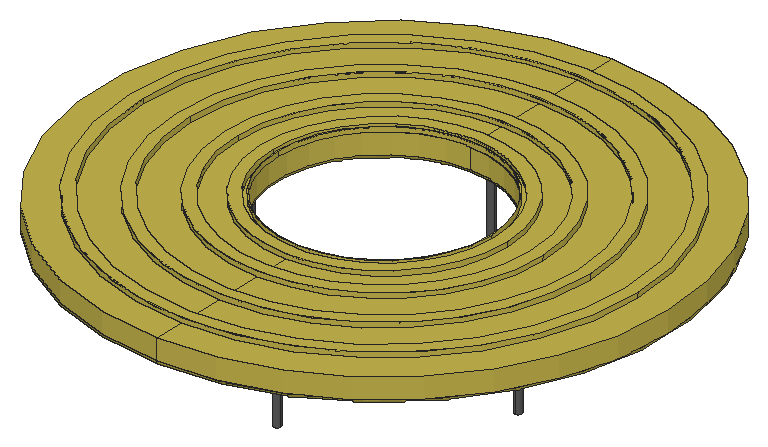
Revit family "Haworth_BuzziDonut", category Furniture, host Face, Revit 2018
Family settings
  Host = Face
  Cut with Voids When Loaded = No
  Shared = No
  Room Calculation Point = No
Parameters (values of type "HCBZ-DNS3 - Large")
  Warranty = "https://www.haworth.com/resources/product-info/warranties"
  Upholstery Finish [instance] = Haworth _ Fabric _ BFA_ Yellow BFA-24
  URL - Product = "https://www.haworth.com/products/architectural-interiors/acoustic-solutions/buzzidonut"
  URL = "https://www.haworth.com/our-brands/haworth-collection"
  Trim Finish = Haworth _ Paint _ Black
  Small = not(or(Medium, Large))  # no
  Note = "Verify Final Dim. w/ Haworth"  # constant formula
  Model = "HCBZ-DNS"  # constant formula
  Medium = no
  Manufacturer = "Haworth"  # constant formula
  Large = yes
  Flat = not(or([3D Drop], [3D Leaf], [3D Rib]))  # no
  Description = "Haworth BuzziDonut Large"
  Default Elevation = 0.000"
  Cable Length [instance] = 10.000"
  Assembly Code = "E2020200"
  Actual Width = Actual Depth  # 47.240"
  Actual Height = 2.360"  # constant formula
  Actual Depth = if(Large, 47.240", if(Medium, 39.370", 31.500"))  # 47.240"
  3D Rib = no
  3D Leaf = no
  3D Drop = yes
Reference planes (in)
  plane 1 "Center (Front/Back)": y = 0
  plane 2: z = 0
  plane 3 "Center (Left/Right)": x = 0
  plane 4 "Right": x = 23.62
  plane 5 "Front": y = -23.62
  plane 6 "Back": y = 23.62
  plane 7 "Left": x = -23.62
Dimensions and locks (in)
  equal spacing: plane 7 "Left", plane 3 "Center (Left/Right)", plane 4 "Right"
  "Actual Width": plane 7 "Left" to plane 4 "Right"
  equal spacing: plane 5 "Front", plane 1 "Center (Front/Back)", plane 6 "Back"
  "Actual Width": plane 5 "Front" to plane 6 "Back"
  aligned and locked: plane 2 to host face
  aligned and locked: level to host face
  aligned and locked: plane 2 to nested 1
  aligned and locked: plane 3 "Center (Left/Right)" to nested 1
  aligned and locked: plane 1 "Center (Front/Back)" to nested 1
  aligned and locked: plane 2 to nested 2
  aligned and locked: plane 1 "Center (Front/Back)" to nested 2
  aligned and locked: plane 3 "Center (Left/Right)" to nested 2
  aligned and locked: plane 2 to nested 3
  aligned and locked: plane 1 "Center (Front/Back)" to nested 3
  aligned and locked: plane 3 "Center (Left/Right)" to nested 3
Automatic sketch dimensions
  host sketch curve to host sketch curve = 50.000"  (x2)
Nested families (in)
  nested 1: "Haworth_BuzziDonut_Screen_Large_PART" at (0, 0, 0), visible <- "Large", type "Large Screen"
    with 3D Leaf no, 3D Drop yes
  nested 2: "Haworth_BuzziDonut_Screen_Medium_PART" at (0, 0, 0), visible <- "Medium", type "Medium Screen"
    with Flat no, 3D Rib no, 3D Leaf no
  nested 3: "Haworth_BuzziDonut_Screen_Small_PART" at (0, 0, 0), visible <- "Small", type "Small Screen"
    with Flat no, 3D Rib no, 3D Leaf no
Definition of nested family "Haworth_BuzziDonut_Screen_Large_PART"
  Parameters (values of type "Large Screen")
    Warranty = "https://www.haworth.com/resources/product-info/warranties"
    URL - Product = "https://www.haworth.com/products/architectural-interiors/acoustic-solutions/buzzidonut"
    URL = "https://www.haworth.com/our-brands/haworth-collection"
    Trim Finish = none
    Revision = "1"  # constant formula
    Outside Radius = Actual Width / 2  # 23.620"
    Outer Upholstery Finish = none
    Note = "Verify Final Dim. w/ Haworth"  # constant formula
    Model = "HCBZ-DNS"  # constant formula
    Manufacturer = "Haworth"  # constant formula
    Inside Radius = 17.720" / 2  # 8.860"
    Flat = no
    Description = "Haworth - BuzziDonut - Screen - Part"  # constant formula
    Cable Length = 10.000"
    Author = "Haworth (Alias)"  # constant formula
    Assembly Code = "E2020200"
    Actual Width = 47.240"  # constant formula
    Actual Height = 2.360"  # constant formula
    Actual Depth = 47.240"  # constant formula
    3D Rib = no
    3D Leaf = yes
    3D Drop = no
  Reference planes (in)
    plane 1 "Center (Front/Back)": y = 0
    plane 2: z = 0
    plane 3 "Center (Left/Right)": x = 0
    plane 4 "Front": y = -23.62
    plane 5 "Back": y = 23.62
    plane 6 "Left": x = 23.62
    plane 7 "Right": x = -23.62
    plane 8 "Inside Back": y = 8.86
    plane 9 "Inside Front": y = -8.86
    plane 10 "Cable Back": y = 11.11
    plane 11 "Cable End": z = 10
    plane 12 "Screen End": z = 12.36
    plane 13: z = 11.96
    plane 14 "Cable Control": z = 10.1
  Forms (in)
    Extrusion 1, solid, material <- "Trim Finish"
      sketch origin (0, 0, 0) x (1, 0, 0) y (0, 1, 0)
        loop
          circle (0, 11.11) r 0.3
      from 0 to 10.1
    Revolve 2, solid, material <- "Outer Upholstery Finish"
      sketch origin (0, 0, 0) x (0, 1, 0) y (0, 0, 1)
        loop
          arc (8.86, 10.25) -> (8.93322, 10.07322) -> (9.11, 10) r 0.25
          line (9.11, 10) -> (23.37, 10)
          arc (23.37, 10) -> (23.54678, 10.07322) -> (23.62, 10.25) r 0.25
          line (23.62, 10.25) -> (23.62, 11.96) -> (8.86, 11.96) -> (8.86, 10.25)
        axis (0, 11.96) -> (0, 10)
      angle from 0 to 360
    Revolve 3, solid, material <- "Outer Upholstery Finish", visible <- "Flat"
      sketch origin (0, 0, 0) x (0, 1, 0) y (0, 0, 1)
        loop
          line (8.86, 11.96) -> (23.62, 11.96) -> (23.62, 12.06)
          arc (23.62, 12.06) -> (23.53213, 12.27213) -> (23.32, 12.36) r 0.3
          line (23.32, 12.36) -> (9.16, 12.36)
          arc (9.16, 12.36) -> (8.94787, 12.27213) -> (8.86, 12.06) r 0.3
          line (8.86, 12.06) -> (8.86, 11.96)
        axis (0, 12.36) -> (0, 11.96)
      angle from 0 to 360
    Extrusion 4, solid, material <- "Trim Finish"
      sketch origin (0, 0, 0) x (0, 1, 0) y (-1, 0, 0)
        loop
          circle (0, 11.11) r 0.3
      from 0 to 10.1
    Extrusion 5, solid, material <- "Trim Finish"
      sketch origin (0, 0, 0) x (-1, 0, 0) y (0, -1, 0)
        loop
          circle (0, 11.11) r 0.3
      from 0 to 10.1
    Extrusion 6, solid, material <- "Trim Finish"
      sketch origin (0, 0, 0) x (0, -1, 0) y (1, 0, 0)
        loop
          circle (0, 11.11) r 0.3
      from 0 to 10.1
    Extrusion 7, solid, material <- "Outer Upholstery Finish", visible <- "3D Rib"
      sketch origin (0, 0, 0) x (1, 0, 0) y (0, 1, 0)
        loop
          arc (-8.85436, 0.00223) -> (-8.76985, 1.22294) -> (-8.51793, 2.42035) r 8.85827
          line (-8.51793, 2.42035) -> (-8.51793, 22.04511)
          arc (-8.51793, 22.04511) -> (-9.27145, 21.73904) -> (-10.01399, 21.40723) r 23.62758
          line (-10.01399, 21.40723) -> (-10.01399, -21.39038)
          arc (-10.01399, -21.39038) -> (-9.27146, -21.72262) -> (-8.51793, -22.02909) r 23.62209
          line (-8.51793, -22.02909) -> (-8.51793, -2.41589)
          arc (-8.51793, -2.41589) -> (-8.76985, -1.21848) -> (-8.85436, 0.00223) r 8.85827
        loop
          line (-0.95887, 23.61362) -> (-0.95887, 8.80802)
          arc (-0.95887, 8.80802) -> (-0.01409, 8.86048) -> (0.93089, 8.81186) r 8.85827
          line (0.93089, 8.81186) -> (0.93089, 23.61467)
          arc (0.93089, 23.61467) -> (-0.014, 23.63304) -> (-0.95887, 23.61362) r 23.62645
        loop
          arc (2.82065, 23.46403) -> (2.07367, 23.54183) -> (1.32459, 23.59585) r 23.62625
          line (1.32459, 23.59585) -> (1.32459, 8.76149)
          arc (1.32459, 8.76149) -> (2.08047, 8.61366) -> (2.82065, 8.40073) r 8.85827
          line (2.82065, 8.40073) -> (2.82065, 23.46403)
        loop
          arc (4.71042, 23.15874) -> (3.96443, 23.29806) -> (3.21436, 23.41334) r 23.62609
          line (3.21436, 23.41334) -> (3.21436, 8.25825)
          arc (3.21436, 8.25825) -> (3.98018, 7.91792) -> (4.71042, 7.50674) r 8.85827
          line (4.71042, 7.50674) -> (4.71042, 23.15874)
        loop
          arc (6.60018, 22.69254) -> (5.85528, 22.89608) -> (5.10412, 23.07516) r 23.62593
          line (5.10412, 23.07516) -> (5.10412, 7.24493)
          arc (5.10412, 7.24493) -> (5.88985, 6.62224) -> (6.60018, 5.91476) r 8.85827
          line (6.60018, 5.91476) -> (6.60018, 22.69254)
        loop
          arc (8.48995, 22.05523) -> (7.74626, 22.3273) -> (6.99388, 22.5743) r 23.62578
          line (6.99388, 22.5743) -> (6.99388, 5.44365)
          arc (6.99388, 5.44365) -> (7.87665, 4.06287) -> (8.48995, 2.54309) r 8.85827
          line (8.48995, 2.54309) -> (8.48995, 22.05523)
        loop
          arc (10.37971, 21.23139) -> (9.63747, 21.57847) -> (8.88365, 21.89961) r 23.62564
          line (8.88365, 21.89961) -> (8.88365, 2.47188) -> (8.88365, -21.88777)
          arc (8.88365, -21.88777) -> (9.63747, -21.56668) -> (10.37971, -21.21963) r 23.62229
          line (10.37971, -21.21963) -> (10.37971, 21.23139)
        loop
          arc (12.26947, 20.19821) -> (11.52903, 20.62984) -> (10.77341, 21.03434) r 23.6255
          line (10.77341, 21.03434) -> (10.77341, -21.02259)
          arc (10.77341, -21.02259) -> (11.52903, -20.61811) -> (12.26947, -20.18648) r 23.62232
          line (12.26947, -20.18648) -> (12.26947, 20.19821)
        loop
          arc (14.15924, 18.92141) -> (13.42114, 19.45196) -> (12.66317, 19.95372) r 23.62537
          line (12.66317, 19.95372) -> (12.66317, -19.94199)
          arc (12.66317, -19.94199) -> (13.42114, -19.44021) -> (14.15924, -18.90964) r 23.62237
          line (14.15924, -18.90964) -> (14.15924, 18.92141)
        loop
          arc (16.049, 17.34727) -> (15.31421, 17.99933) -> (14.55294, 18.62028) r 23.62523
          line (14.55294, 18.62028) -> (14.55294, -18.60849)
          arc (14.55294, -18.60849) -> (15.31421, -17.98749) -> (16.049, -17.33537) r 23.62242
          line (16.049, -17.33537) -> (16.049, 17.34727)
        loop
          arc (17.93877, 15.38475) -> (17.20911, 16.19692) -> (16.4427, 16.97452) r 23.62508
          line (16.4427, 16.97452) -> (16.4427, -16.96258)
          arc (16.4427, -16.96258) -> (17.20911, -16.18488) -> (17.93877, -15.37259) r 23.62249
          line (17.93877, -15.37259) -> (17.93877, 15.38475)
        loop
          arc (19.82853, 12.85711) -> (19.10818, 13.90537) -> (18.33247, 14.91335) r 23.62491
          line (18.33247, 14.91335) -> (18.33247, -14.90113)
          arc (18.33247, -14.90113) -> (19.10819, -13.89298) -> (19.82853, -12.84454) r 23.6226
          line (19.82853, -12.84454) -> (19.82853, 12.85711)
        loop
          arc (21.71829, 9.31481) -> (21.02081, 10.79755) -> (20.22223, 12.22837) r 23.62466
          line (20.22223, 12.22837) -> (20.22223, -12.21569)
          arc (20.22223, -12.21569) -> (21.02083, -10.78459) -> (21.71829, -9.30156) r 23.62282
          line (21.71829, -9.30156) -> (21.71829, 9.31481)
        loop
          arc (8.48995, -2.53863) -> (7.87665, -4.0584) -> (6.99388, -5.43919) r 8.85827
          line (6.99388, -5.43919) -> (6.99388, -22.56233)
          arc (6.99388, -22.56233) -> (7.74626, -22.31539) -> (8.48995, -22.04337) r 23.62225
          line (8.48995, -22.04337) -> (8.48995, -2.53863)
        loop
          arc (6.60018, -5.9103) -> (5.88985, -6.61778) -> (5.10412, -7.24047) r 8.85827
          line (5.10412, -7.24047) -> (5.10412, -23.06299)
          arc (5.10412, -23.06299) -> (5.85528, -22.88399) -> (6.60018, -22.68053) r 23.62222
          line (6.60018, -22.68053) -> (6.60018, -5.9103)
        loop
          arc (4.71042, -7.50228) -> (3.98018, -7.91346) -> (3.21436, -8.25379) r 8.85827
          line (3.21436, -8.25379) -> (3.21436, -23.40091)
          arc (3.21436, -23.40091) -> (3.96443, -23.28573) -> (4.71042, -23.14652) r 23.62219
          line (4.71042, -23.14652) -> (4.71042, -7.50228)
        loop
          arc (2.82065, -8.39627) -> (2.08047, -8.6092) -> (1.32459, -8.75703) r 8.85827
          line (1.32459, -8.75703) -> (1.32459, -23.58309)
          arc (1.32459, -23.58309) -> (2.07367, -23.52921) -> (2.82065, -23.45154) r 23.62217
          line (2.82065, -23.45154) -> (2.82065, -8.39627)
        loop
          arc (0.93089, -8.81617) -> (0.18354, -8.86427) -> (-0.56517, -8.84744) r 8.63565
          line (-0.56517, -8.84744) -> (-0.56517, -23.61313)
          arc (-0.56517, -23.61313) -> (0.18295, -23.61933) -> (0.93089, -23.60183) r 23.62214
          line (0.93089, -23.60183) -> (0.93089, -8.81617)
        loop
          arc (-0.95887, -8.81617) -> (-1.71232, -8.68833) -> (-2.45494, -8.50794) r 10.88368
          line (-2.45494, -8.50794) -> (-2.45494, -23.49161)
          arc (-2.45494, -23.49161) -> (-1.70777, -23.55786) -> (-0.95887, -23.60035) r 23.62212
          line (-0.95887, -23.60035) -> (-0.95887, -8.81617)
        loop
          arc (-2.84864, -8.38418) -> (-3.61217, -8.08436) -> (-4.3447, -7.71519) r 8.85827
          line (-4.3447, -7.71519) -> (-4.3447, -23.21617)
          arc (-4.3447, -23.21617) -> (-3.59852, -23.3436) -> (-2.84864, -23.44706) r 23.62209
          line (-2.84864, -23.44706) -> (-2.84864, -8.38418)
        loop
          arc (-4.7384, -7.47971) -> (-5.51874, -6.92376) -> (-6.23446, -6.28678) r 8.85827
          line (-6.23446, -6.28678) -> (-6.23446, -22.7812)
          arc (-6.23446, -22.7812) -> (-5.48934, -22.97226) -> (-4.7384, -23.13895) r 23.62207
          line (-4.7384, -23.13895) -> (-4.7384, -7.47971)
        loop
          arc (-6.62816, -5.87013) -> (-7.4692, -4.75399) -> (-8.12423, -3.51947) r 8.85827
          line (-8.12423, -3.51947) -> (-8.12423, -22.17736)
          arc (-8.12423, -22.17736) -> (-7.3803, -22.43601) -> (-6.62816, -22.66972) r 23.62206
          line (-6.62816, -22.66972) -> (-6.62816, -5.87013)
        loop
          arc (-10.40769, 21.21867) -> (-11.16292, 20.8314) -> (-11.90375, 20.41725) r 23.62791
          line (-11.90375, 20.41725) -> (-11.90375, -20.3993)
          arc (-11.90375, -20.3993) -> (-11.16293, -20.81389) -> (-10.40769, -21.20159) r 23.62229
          line (-10.40769, -21.20159) -> (-10.40769, 21.21867)
        loop
          arc (-12.29746, 20.18267) -> (-13.0549, 19.70141) -> (-13.79352, 19.19175) r 23.62832
          line (-13.79352, 19.19175) -> (-13.79352, -19.17345)
          arc (-13.79352, -19.17345) -> (-13.0549, -19.68321) -> (-12.29746, -20.16454) r 23.62327
          line (-12.29746, -20.16454) -> (-12.29746, 20.18267)
        loop
          arc (-14.15685, 18.92545) -> (-14.93417, 18.31863) -> (-15.6855, 17.67991) r 23.62885
          line (-15.6855, 17.67991) -> (-15.6855, -17.66134)
          arc (-15.6855, -17.66134) -> (-14.93418, -18.30016) -> (-14.15685, -18.90708) r 23.62296
          line (-14.15685, -18.90708) -> (-14.15685, 18.92545)
        loop
          arc (-15.96677, 17.42645) -> (-16.83431, 16.5905) -> (-17.65811, 15.71143) r 23.62952
          line (-17.65811, 15.71143) -> (-17.65811, -15.65707)
          arc (-17.65811, -15.65707) -> (-16.83468, -16.54531) -> (-15.96677, -17.39013) r 23.60569
          line (-15.96677, -17.39013) -> (-15.96677, 17.42645)
        loop
          arc (-17.911, 15.42277) -> (-18.75552, 14.38519) -> (-19.53997, 13.30149) r 23.63068
          line (-19.53997, 13.30149) -> (-19.53997, -13.25058)
          arc (-19.53997, -13.25058) -> (-18.75607, -14.34555) -> (-17.911, -15.39404) r 23.60781
          line (-17.911, -15.39404) -> (-17.911, 15.42277)
        loop
          arc (-19.78362, 12.93693) -> (-20.66177, 11.48632) -> (-21.43364, 9.97647) r 23.63241
          line (-21.43364, 9.97647) -> (-21.43364, -9.87437)
          arc (-21.43364, -9.87437) -> (-20.66381, -11.41511) -> (-19.78362, -12.89557) r 23.59138
          line (-19.78362, -12.89557) -> (-19.78362, 12.93693)
        loop
          arc (-21.67275, 9.38576) -> (-23.62, 0.00128) -> (-21.67275, -9.3832) r 23.58714
          line (-21.67275, -9.3832) -> (-21.67275, 9.38576)
        loop
          arc (-1.35257, 23.59435) -> (-1.90428, 23.55626) -> (-2.45494, 23.50526) r 23.62663
          line (-2.45494, 23.50526) -> (-2.45494, 8.5124)
          arc (-2.45494, 8.5124) -> (-1.90764, 8.65179) -> (-1.35257, 8.75602) r 8.85827
          line (-1.35257, 8.75602) -> (-1.35257, 23.59435)
        loop
          line (22.11199, 8.29977) -> (22.11199, -8.29722)
          arc (22.11199, -8.29722) -> (23.62, 0.00128) -> (22.11199, 8.29977) r 23.58714
        loop
          arc (-6.62816, 22.68483) -> (-7.38029, 22.45147) -> (-8.12423, 22.19317) r 23.6273
          line (-8.12423, 22.19317) -> (-8.12423, 3.52394)
          arc (-8.12423, 3.52394) -> (-7.4692, 4.75845) -> (-6.62816, 5.87459) r 8.85827
          line (-6.62816, 5.87459) -> (-6.62816, 22.68483)
        loop
          arc (-4.7384, 23.15331) -> (-5.48934, 22.9869) -> (-6.23446, 22.79615) r 23.62705
          line (-6.23446, 22.79615) -> (-6.23446, 6.29125)
          arc (-6.23446, 6.29125) -> (-5.51874, 6.92822) -> (-4.7384, 7.48417) r 8.85827
          line (-4.7384, 7.48417) -> (-4.7384, 23.15331)
        loop
          arc (-2.84864, 23.46081) -> (-3.59851, 23.35758) -> (-4.3447, 23.23038) r 23.62682
          line (-4.3447, 23.23038) -> (-4.3447, 7.71965)
          arc (-4.3447, 7.71965) -> (-3.61217, 8.08882) -> (-2.84864, 8.38864) r 8.85827
          line (-2.84864, 8.38864) -> (-2.84864, 23.46081)
      from 11.96 to 12.36
    Extrusion 8, solid, material <- "Outer Upholstery Finish", visible <- "3D Drop"
      sketch origin (0, 0, 0) x (1, 0, 0) y (0, 1, 0)
        loop
          circle (0, 0) r 21.03888
        loop
          circle (0, 0) r 20.0501
        loop
          circle (0, 0) r 17.09732
        loop
          circle (0, 0) r 16.12524
        loop
          circle (0, 0) r 13.18179
        loop
          circle (0, 0) r 12.19438
        loop
          circle (0, 0) r 10.22269
        loop
          circle (0, 0) r 8.85827
        loop
          circle (0.00932, -0.02845) r 9.25197
        loop
          circle (0, 0) r 8.89764
      from 11.96 to 12.36
    Extrusion 9, solid, material <- "Outer Upholstery Finish", visible <- "3D Leaf"
      sketch origin (0, 0, 0) x (1, 0, 0) y (0, 1, 0)
        loop
          line (-3.1783, 22.44179) -> (-5.44733, 21.98601) -> (-6.04916, 21.83704) -> (-5.56804, 21.64439) -> (-3.1783, 22.18821) -> (-3.1783, 22.44179)
        loop
          line (-6.26936, 20.86499) -> (-7.52567, 21.36806) -> (-10.40039, 20.10966) -> (-13.03178, 18.49523) -> (-12.24453, 17.78119) -> (-7.29195, 18.61111) -> (-6.26936, 20.86499)
        loop
          line (-12.89059, 17.03837) -> (-13.8348, 17.89477) -> (-15.60299, 16.34232) -> (-16.89572, 14.99425) -> (-14.10348, 13.97828) -> (-12.89059, 14.48407) -> (-12.89059, 17.03837)
        loop
          line (-7.24062, 17.62174) -> (-11.90634, 16.83989) -> (-11.90634, 14.47084) -> (-7.04865, 12.22662) -> (-5.13007, 13.07409) -> (-7.24062, 17.62174)
        loop
          line (-4.13096, 13.25934) -> (-1.01621, 12.6275) -> (-0.5055, 17.15348) -> (-2.92658, 21.23607) -> (-5.26122, 20.70479) -> (-6.41063, 18.1714) -> (-4.13096, 13.25934)
        loop
          line (-0.85219, 22.63918) -> (-2.19405, 22.56058) -> (-2.19405, 21.93044) -> (0.22207, 17.85622) -> (2.48851, 18.62198) -> (2.48851, 21.36456) -> (1.40498, 22.6244) -> (-0.85219, 22.63918)
        loop
          line (2.81798, 22.49092) -> (3.15464, 22.09947) -> (3.98585, 22.31186) -> (2.81798, 22.49092)
        loop
          line (5.81518, 21.7634) -> (3.47276, 21.16488) -> (3.47276, 18.53295) -> (7.87461, 15.61384) -> (12.3615, 17.82023) -> (12.02215, 19.17763) -> (11.42851, 19.54139) -> (5.81518, 21.7634)
        loop
          line (7.06057, 14.97267) -> (2.90966, 17.72536) -> (0.45599, 16.89635) -> (-0.04402, 12.46527) -> (3.99105, 11.95143) -> (7.06057, 14.97267)
        loop
          line (-1.40352, 11.70177) -> (-4.417, 12.31306) -> (-6.64543, 11.32873) -> (-7.30708, 9.07706) -> (-6.36061, 7.19888) -> (-3.65423, 8.32748) -> (-1.40352, 11.70177)
        loop
          line (-0.3472, 11.51168) -> (-2.32283, 8.54979)
          arc (-2.32283, 8.54979) -> (-3.83942, 7.98403) -> (-5.22774, 7.15175) r 8.85827
          arc (-5.22774, 7.15175) -> (-6.46021, 6.06077) -> (-7.46957, 4.7606) r 8.85827
          line (-7.46957, 4.7606) -> (-7.11057, 6.49998) -> (-8.05423, 8.37257) -> (-12.54436, 6.16459) -> (-13.58181, 3.56702) -> (-11.62669, 1.67033) -> (-9.40394, 1.85343) -> (-8.33621, 2.99243)
          arc (-8.33621, 2.99243) -> (-8.81691, 0.83569) -> (-8.74886, -1.37292) r 8.85827
          arc (-8.74886, -1.37292) -> (-8.18143, -3.38906) -> (-7.15651, -5.21562) r 8.85827
          line (-7.15651, -5.21562) -> (-7.72237, -5.16247) -> (-9.8551, -9.32267) -> (-9.36328, -10.50206) -> (-6.72636, -10.50206) -> (-3.05092, -8.3135)
          arc (-3.05092, -8.3135) -> (-2.64851, -8.45037) -> (-2.24, -8.56779) r 8.85827
          arc (-2.24, -8.56779) -> (-1.99384, -8.62844) -> (-1.74604, -8.68203) r 8.85827
          line (-1.74604, -8.68203) -> (-2.8477, -9.33802) -> (-0.15046, -12.65067) -> (2.50545, -12.82034) -> (4.92336, -11.2541) -> (5.32189, -10.28783) -> (1.41769, -8.74237)
          arc (1.41769, -8.74237) -> (2.23414, -8.57039) -> (3.03079, -8.32235) r 8.85827
          line (3.03079, -8.32235) -> (5.99994, -9.49768) -> (8.34236, -8.89915) -> (8.34236, -6.26722) -> (7.0266, -5.39467)
          arc (7.0266, -5.39467) -> (7.18909, -5.17631) -> (7.34479, -4.95305) r 8.85827
          arc (7.34479, -4.95305) -> (7.4657, -4.76899) -> (7.582, -4.58198) r 8.85827
          line (7.582, -4.58198) -> (8.77682, -5.37433) -> (12.66388, -1.61666) -> (11.51131, 0.86541) -> (8.83694, 0.64512)
          arc (8.83694, 0.64512) -> (8.80837, 0.95995) -> (8.76858, 1.27356) r 8.85827
          arc (8.76858, 1.27356) -> (8.74147, 1.44823) -> (8.71087, 1.62232) r 8.85827
          line (8.71087, 1.62232) -> (11.60931, 1.86107) -> (14.40537, 4.33939) -> (12.13705, 6.39676) -> (6.45587, 8.68673) -> (5.62216, 6.84918)
          arc (5.62216, 6.84918) -> (5.22461, 7.15703) -> (4.81023, 7.44182) r 8.85827
          line (4.81023, 7.44182) -> (5.61634, 9.21855) -> (3.93183, 10.96677) -> (-0.3472, 11.51168)
        loop
          line (15.40762, 3.91251) -> (12.41379, 1.2589) -> (13.65327, -1.41033) -> (14.9405, -2.39931) -> (19.25881, 0.44481) -> (18.07468, 5.0247) -> (15.40762, 3.91251)
        loop
          line (20.25707, 0.51581) -> (22.40279, -1.11537) -> (22.41134, 1.09846) -> (22.31839, 2.58886) -> (19.20094, 4.60064) -> (20.25707, 0.51581)
        loop
          line (18.95919, 5.92805) -> (22.14503, 3.87214) -> (21.47313, 6.74829) -> (20.41352, 9.553) -> (19.50798, 8.58701) -> (18.95919, 5.92805)
        loop
          line (18.48613, 8.50532) -> (14.10757, 10.09847) -> (12.89468, 9.59268) -> (12.89468, 7.03838) -> (15.24163, 4.90969) -> (17.97967, 6.05149) -> (18.48613, 8.50532)
        loop
          line (11.91043, 9.73333) -> (7.81464, 14.33384) -> (4.85819, 11.42389) -> (6.48398, 9.7366) -> (11.91043, 7.54931) -> (11.91043, 9.73333)
        loop
          line (8.63601, 14.89144) -> (12.53688, 10.50988) -> (13.63164, 10.9664) -> (14.16522, 16.94419) -> (13.02773, 17.05102) -> (8.63601, 14.89144)
        loop
          line (14.61921, 10.95969) -> (18.91714, 9.39587) -> (19.95316, 10.50105) -> (18.13141, 13.37952) -> (17.41038, 14.3155) -> (15.13994, 16.79359) -> (14.61921, 10.95969)
        loop
          line (-7.64508, 11.41795) -> (-12.40859, 13.61867) -> (-13.62755, 13.11035) -> (-14.16112, 7.13256) -> (-13.02364, 7.02573) -> (-8.24527, 9.37544) -> (-7.64508, 11.41795)
        loop
          line (-15.14107, 7.2246) -> (-14.61511, 13.11706) -> (-17.56563, 14.19062) -> (-18.9306, 12.26012) -> (-19.9595, 10.48078) -> (-19.40623, 7.6252) -> (-15.14107, 7.2246)
        loop
          line (-20.66824, 8.96435) -> (-21.34592, 7.14548) -> (-20.3827, 7.49058) -> (-20.66824, 8.96435)
        loop
          line (-19.7563, 6.66949) -> (-21.68991, 5.97671) -> (-22.14111, 3.78543) -> (-22.31472, 2.58483) -> (-19.54212, 0.71948) -> (-18.2169, 0.71948) -> (-14.57168, 3.74223) -> (-13.63228, 6.09431) -> (-19.7563, 6.66949)
        loop
          line (-20.38952, 0.10332) -> (-22.40506, 1.45933) -> (-22.40506, -0.85307) -> (-22.27271, -2.49867) -> (-20.38952, 0.10332)
        loop
          line (-14.18687, 2.7827) -> (-17.45979, 0.06867) -> (-16.35245, -3.022) -> (-13.58058, -2.57181) -> (-12.37415, 1.02415) -> (-14.18687, 2.7827)
        loop
          line (-11.44551, 0.69767) -> (-12.58228, -2.69062) -> (-8.64834, -3.92474) -> (-9.57381, 0.85185) -> (-11.44551, 0.69767)
        loop
          line (-13.24461, -3.51439) -> (-16.23188, -3.99957) -> (-16.62275, -8.25158) -> (-10.68381, -8.78169) -> (-8.71242, -4.93619) -> (-13.24461, -3.51439)
        loop
          line (-19.44094, -0.26477) -> (-22.05933, -3.88259) -> (-21.2209, -7.06417) -> (-19.92237, -10.09803) -> (-19.36557, -10.46438) -> (-17.78198, -10.06849) -> (-17.17786, -3.63635) -> (-18.38584, -0.26477) -> (-19.44094, -0.26477)
        loop
          line (-17.59083, -11.03524) -> (-19.09114, -11.41032) -> (-19.12827, -11.50411) -> (-17.57849, -13.70433) -> (-17.03293, -14.33267) -> (-15.62234, -15.88086) -> (-15.38445, -15.52213) -> (-17.59083, -11.03524)
        loop
          line (-14.45819, -15.14214) -> (-12.4145, -15.73829) -> (-10.22321, -10.97043) -> (-10.73394, -9.75249) -> (-16.71277, -9.23074) -> (-16.81735, -10.36843) -> (-14.45819, -15.14214)
        loop
          line (-9.37651, -11.48631) -> (-11.62073, -16.344) -> (-10.77327, -18.26258) -> (-6.22561, -16.15203) -> (-7.00746, -11.48631) -> (-9.37651, -11.48631)
        loop
          line (-11.5069, -19.03764) -> (-12.51862, -16.74722) -> (-14.60859, -16.13308) -> (-14.89117, -16.55919) -> (-13.01417, -18.045) -> (-11.5069, -19.03764)
        loop
          line (-3.70251, -9.84702) -> (-6.04995, -11.24482) -> (-5.23624, -16.1007) -> (-2.94567, -17.13994) -> (-0.9784, -13.19266) -> (-3.70251, -9.84702)
        loop
          line (-3.14256, -18.13143) -> (-5.67595, -16.98202) -> (-10.5022, -19.22186) -> (-10.46935, -19.62072) -> (-7.57135, -20.85784) -> (-6.57596, -21.18911) -> (-3.51734, -21.9359) -> (-2.58024, -20.60244) -> (-3.14256, -18.13143)
        loop
          line (-2.19802, -17.84635) -> (-1.68178, -20.11488) -> (3.2295, -18.97001) -> (2.22563, -13.78872) -> (-0.10165, -13.64004) -> (-2.19802, -17.84635)
        loop
          line (3.2167, -19.98364) -> (-1.75721, -21.14311) -> (-2.41756, -22.08277) -> (0.10604, -22.20776) -> (0.95105, -22.16036) -> (2.93346, -22.02131) -> (3.2167, -19.98364)
        loop
          line (4.22543, -19.87568) -> (3.94907, -21.86376) -> (6.53237, -21.23415) -> (7.48742, -20.89446) -> (9.01234, -20.32528) -> (4.22543, -19.87568)
        loop
          line (4.21582, -18.8862) -> (8.48098, -19.28679) -> (8.75061, -16.266) -> (5.22929, -12.22864) -> (3.18277, -13.55431) -> (4.21582, -18.8862)
        loop
          line (9.7324, -16.3374) -> (9.46093, -19.37883) -> (10.59841, -19.48567) -> (11.51794, -19.03349) -> (13.68024, -17.55551) -> (14.25484, -17.06781) -> (15.79379, -15.71683) -> (15.97697, -15.09344) -> (12.76817, -13.61099) -> (9.7324, -16.3374)
        loop
          line (9.30212, -15.40092) -> (11.96018, -13.01372) -> (8.68882, -9.8265) -> (6.32805, -10.42971) -> (5.89086, -11.48974) -> (9.30212, -15.40092)
        loop
          line (9.32661, -6.21181) -> (9.32661, -8.72672) -> (16.33628, -7.88666) -> (17.40403, -5.53323) -> (13.29456, -2.37594) -> (9.32661, -6.21181)
        loop
          line (9.91547, -9.64744) -> (12.9634, -12.61698) -> (16.5734, -14.28477) -> (17.43445, -13.90443) -> (18.22702, -12.8664) -> (16.37391, -8.87344) -> (9.91547, -9.64744)
        loop
          line (17.21142, -8.33999) -> (18.8721, -11.91831) -> (20.2256, -9.42224) -> (20.64071, -8.50442) -> (21.6191, -5.79753) -> (20.83183, -5.24428) -> (18.36083, -5.8066) -> (17.21142, -8.33999)
        loop
          line (18.12992, -4.84973) -> (20.72222, -4.25981) -> (22.18905, -3.1391) -> (22.30295, -2.27583) -> (19.80297, -0.37534) -> (15.76644, -3.03387) -> (18.12992, -4.84973)
        loop
          circle (0.00205, 0.00205) r 23.62205
      from 11.96 to 12.36
  Lines and regions (in)
    Masking region 1
      outline origin (0, 0, 0) x (1, 0, 0) y (0, 1, 0)
        loop
          circle (0, 0) r 23.62
        loop
          circle (0, 0) r 8.86
    Masking region 2
      outline origin (0, 0, 0) x (1, 0, 0) y (0, 0, 1)
        loop
          line (-23.62, 12.36) -> (-23.62, 10.25)
          arc (-23.62, 10.25) -> (-23.54678, 10.07322) -> (-23.37, 10) r 0.25
          line (-23.37, 10) -> (23.37, 10)
          arc (23.37, 10) -> (23.54678, 10.07322) -> (23.62, 10.25) r 0.25
          line (23.62, 10.25) -> (23.62, 12.36) -> (-23.62, 12.36)
  Dimensions and locks (in)
    equal spacing: plane 5 "Back", plane 1 "Center (Front/Back)", plane 4 "Front"
    "Actual Depth": plane 5 "Back" to plane 4 "Front"
    equal spacing: plane 7 "Right", plane 3 "Center (Left/Right)", plane 6 "Left"
    "Actual Width": plane 7 "Right" to plane 6 "Left"
    plane 8 "Inside Back" to plane 1 "Center (Front/Back)" to plane 9 "Inside Front" = 8.860" locked, 8.860" locked
    locked: plane 10 "Cable Back" to plane 8 "Inside Back" at 2.25
    "Cable Length": plane 11 "Cable End" to plane 2
    "Actual Height": plane 12 "Screen End" to plane 11 "Cable End"
    locked: plane 12 "Screen End" to plane 13 at 0.4
    locked: plane 14 "Cable Control" to plane 11 "Cable End" at 0.1
    "Inside Radius": radius of Masking region 1 sketch curve
    "Outside Radius": radius of Masking region 1 sketch curve
    aligned and locked: level to plane 2
    aligned and locked: Extrusion 1 to plane 2
    aligned and locked: plane 5 "Back" to Revolve 2 sketch curve
    aligned and locked: plane 13 to Revolve 2 sketch curve
    aligned and locked: plane 8 "Inside Back" to Revolve 2 sketch curve
    aligned and locked: Revolve 2 sketch curve to plane 11 "Cable End"
    aligned and locked: plane 1 "Center (Front/Back)" to Revolve 2 sketch curve
    aligned and locked: Revolve 3 sketch curve to plane 5 "Back"
    aligned and locked: Revolve 3 sketch curve to plane 13
    aligned and locked: Revolve 3 sketch curve to plane 12 "Screen End"
    aligned and locked: plane 8 "Inside Back" to Revolve 3 sketch curve
    aligned and locked: plane 1 "Center (Front/Back)" to Revolve 3 sketch curve
    aligned and locked: Extrusion 6 to plane 2
    aligned and locked: Extrusion 5 to plane 2
    aligned and locked: Extrusion 4 to plane 2
    aligned and locked: plane 14 "Cable Control" to Extrusion 1
    aligned and locked: plane 14 "Cable Control" to Extrusion 5
    aligned and locked: plane 14 "Cable Control" to Extrusion 6
    aligned and locked: plane 14 "Cable Control" to Extrusion 4
    aligned and locked: plane 3 "Center (Left/Right)" to Masking region 1 sketch curve  (x2)
    aligned and locked: plane 1 "Center (Front/Back)" to Masking region 1 sketch curve  (x2)
    aligned and locked: plane 12 "Screen End" to Extrusion 7
    aligned and locked: plane 13 to Extrusion 7
    aligned and locked: plane 12 "Screen End" to Extrusion 8
    aligned and locked: plane 13 to Extrusion 8
    aligned and locked: plane 12 "Screen End" to Extrusion 9
    aligned and locked: plane 13 to Extrusion 9
    aligned and locked: Masking region 2 sketch curve to plane 6 "Left"
    aligned and locked: plane 11 "Cable End" to Masking region 2 sketch curve
    aligned and locked: Masking region 2 sketch curve to plane 12 "Screen End"
    aligned and locked: Masking region 2 sketch curve to plane 7 "Right"
  Automatic sketch dimensions
    Revolve 2 sketch curve to level = 0.000"
    plane 8 "Inside Back" to Revolve 2 sketch curve = 0.250"
    Revolve 2 sketch curve to plane 5 "Back" = 0.250"
    plane 12 "Screen End" to Revolve 2 sketch curve = 12.600"
    Revolve 3 sketch curve to level = 0.000"
    plane 8 "Inside Back" to Revolve 3 sketch curve = 0.300"
    Revolve 3 sketch curve to plane 5 "Back" = 0.300"
    plane 12 "Screen End" to Revolve 3 sketch curve = 11.000"
    plane 1 "Center (Front/Back)" to Extrusion 4 sketch curve = 0.000"
    Extrusion 4 sketch curve to plane 3 "Center (Left/Right)" = 11.110"
    Extrusion 1 sketch curve to plane 3 "Center (Left/Right)" = 0.000"
    Extrusion 1 sketch curve to plane 10 "Cable Back" = 0.000"
    Extrusion 5 sketch curve to plane 3 "Center (Left/Right)" = 0.000"
    plane 9 "Inside Front" to Extrusion 5 sketch curve = 2.250"
    plane 1 "Center (Front/Back)" to Extrusion 6 sketch curve = 0.000"
    plane 3 "Center (Left/Right)" to Extrusion 6 sketch curve = 11.110"
    Extrusion 7 sketch curve to Extrusion 7 sketch curve = 0.000"  (x35)
    plane 9 "Inside Front" to Extrusion 7 sketch curve = 0.5232"
    Extrusion 7 sketch curve to plane 7 "Right" = 1.94725"
    Extrusion 7 sketch curve to Extrusion 7 sketch curve = 0.23911"
    plane 10 "Cable Back" to Extrusion 7 sketch curve = 1.82693"
    Extrusion 7 sketch curve to Extrusion 7 sketch curve = 1.65002"
    Extrusion 7 sketch curve to Extrusion 7 sketch curve = 0.24364"
    Extrusion 7 sketch curve to Extrusion 7 sketch curve = 1.62897"
    Extrusion 7 sketch curve to Extrusion 7 sketch curve = 0.25289"
    Extrusion 7 sketch curve to Extrusion 7 sketch curve = 1.69134"
    Extrusion 7 sketch curve to Extrusion 7 sketch curve = 0.28127"
    Extrusion 7 sketch curve to Extrusion 7 sketch curve = 1.52865"
    Extrusion 7 sketch curve to Extrusion 7 sketch curve = 0.36333"
    Extrusion 7 sketch curve to Extrusion 7 sketch curve = 1.49606"  (x23)
    Extrusion 7 sketch curve to Extrusion 7 sketch curve = 0.3937"  (x28)
    Extrusion 7 sketch curve to plane 1 "Center (Front/Back)" = 2.42035"
    Extrusion 7 sketch curve to plane 4 "Front" = 0.95028"
    Extrusion 7 sketch curve to plane 5 "Back" = 0.46669"
    Extrusion 7 sketch curve to plane 4 "Front" = 0.48105"
    Extrusion 7 sketch curve to plane 8 "Inside Back" = 0.47136"
    Extrusion 7 sketch curve to plane 4 "Front" = 0.17294"
    Extrusion 7 sketch curve to plane 5 "Back" = 0.11474"
    Extrusion 7 sketch curve to plane 5 "Back" = 0.02565"
    Extrusion 7 sketch curve to Extrusion 7 sketch curve = 1.10236"
    Extrusion 7 sketch curve to plane 4 "Front" = 0.01965"
    Extrusion 7 sketch curve to plane 3 "Center (Left/Right)" = 0.95887"
    Extrusion 7 sketch curve to plane 5 "Back" = 0.00638"
    Extrusion 7 sketch curve to plane 9 "Inside Front" = 0.01256"
    Extrusion 7 sketch curve to plane 1 "Center (Front/Back)" = 0.00128"  (x2)
    Extrusion 7 sketch curve to plane 3 "Center (Left/Right)" = 0.03286"
    Extrusion 7 sketch curve to plane 3 "Center (Left/Right)" = 0.0191"
    Extrusion 7 sketch curve to Extrusion 7 sketch curve = 0.00569"  (x2)
    Extrusion 7 sketch curve to plane 3 "Center (Left/Right)" = 0.01097"
    plane 1 "Center (Front/Back)" to Extrusion 7 sketch curve = 0.00156"
    Extrusion 7 sketch curve to Extrusion 7 sketch curve = 0.00343"
    Extrusion 7 sketch curve to plane 1 "Center (Front/Back)" = 0.00059"
    Extrusion 7 sketch curve to Extrusion 7 sketch curve = 0.00136"
    Extrusion 7 sketch curve to Extrusion 7 sketch curve = 0.00263"
    Extrusion 7 sketch curve to Extrusion 7 sketch curve = 0.00148"
    Extrusion 7 sketch curve to Extrusion 7 sketch curve = 0.0014"
    Extrusion 7 sketch curve to Extrusion 7 sketch curve = 0.00119"
    Extrusion 7 sketch curve to Extrusion 7 sketch curve = 0.00085"
    Extrusion 7 sketch curve to Extrusion 7 sketch curve = 0.00076"
    Extrusion 7 sketch curve to Extrusion 7 sketch curve = 0.00107"
    Extrusion 7 sketch curve to plane 3 "Center (Left/Right)" = 0.00092"
    plane 3 "Center (Left/Right)" to Extrusion 7 sketch curve = 0.00006"
    Extrusion 7 sketch curve to Extrusion 7 sketch curve = 0.00072"
    plane 3 "Center (Left/Right)" to Extrusion 7 sketch curve = 0.00088"
    Extrusion 7 sketch curve to Extrusion 7 sketch curve = 0.00055"
    Extrusion 7 sketch curve to Extrusion 7 sketch curve = 0.00062"  (x2)
    Extrusion 7 sketch curve to Extrusion 7 sketch curve = 0.00054"
    Extrusion 7 sketch curve to Extrusion 7 sketch curve = 0.00051"  (x2)
    plane 3 "Center (Left/Right)" to Extrusion 7 sketch curve = 0.00307"
    Extrusion 7 sketch curve to Extrusion 7 sketch curve = 0.00265"
    Extrusion 7 sketch curve to Extrusion 7 sketch curve = 0.00038"
    Extrusion 7 sketch curve to Extrusion 7 sketch curve = 0.00041"
    Extrusion 7 sketch curve to Extrusion 7 sketch curve = 0.00034"
    Extrusion 7 sketch curve to Extrusion 7 sketch curve = 0.00035"
    Extrusion 7 sketch curve to Extrusion 7 sketch curve = 0.00021"
    Extrusion 7 sketch curve to Extrusion 7 sketch curve = 0.00005"  (x4)
    Extrusion 7 sketch curve to Extrusion 7 sketch curve = 0.00003"
    Extrusion 7 sketch curve to Extrusion 7 sketch curve = 0.00001"  (x2)
    Extrusion 7 sketch curve to Extrusion 7 sketch curve = 0.00002"  (x2)
    Extrusion 7 sketch curve to Extrusion 7 sketch curve = 0.00031"
    Extrusion 7 sketch curve to Extrusion 7 sketch curve = 0.00008"
    Extrusion 7 sketch curve to Extrusion 7 sketch curve = 0.00024"
    Extrusion 7 sketch curve to Extrusion 7 sketch curve = 0.0001"  (x3)
    Extrusion 7 sketch curve to Extrusion 7 sketch curve = 0.00016"  (x2)
    Extrusion 7 sketch curve to Extrusion 7 sketch curve = 0.00023"
    Extrusion 7 sketch curve to Extrusion 7 sketch curve = 0.00032"
    Extrusion 7 sketch curve to Extrusion 7 sketch curve = 0.02722"
    plane 3 "Center (Left/Right)" to Extrusion 7 sketch curve = 0.03979"
    plane 3 "Center (Left/Right)" to Extrusion 7 sketch curve = 0.04093"
    Extrusion 7 sketch curve to Extrusion 7 sketch curve = 0.01936"
    plane 3 "Center (Left/Right)" to Extrusion 7 sketch curve = 0.48388"
    Extrusion 7 sketch curve to plane 8 "Inside Back" = 0.04814"
    plane 3 "Center (Left/Right)" to Extrusion 7 sketch curve = 0.93089"  (x2)
    Extrusion 7 sketch curve to plane 9 "Inside Front" = 0.04383"  (x2)
    Extrusion 7 sketch curve to plane 8 "Inside Back" = 0.09851"
    Extrusion 7 sketch curve to plane 4 "Front" = 0.03691"
    Extrusion 7 sketch curve to plane 8 "Inside Back" = 0.45927"
    Extrusion 7 sketch curve to plane 4 "Front" = 0.16846"
    Extrusion 7 sketch curve to plane 5 "Back" = 0.20666"
    plane 9 "Inside Front" to Extrusion 7 sketch curve = 0.44156"
    Extrusion 7 sketch curve to plane 6 "Left" = 1.90171"
    Extrusion 7 sketch curve to plane 4 "Front" = 0.01817"
    Extrusion 7 sketch curve to Extrusion 7 sketch curve = 0.01278"
    Extrusion 7 sketch curve to Extrusion 7 sketch curve = 0.04456"
    Extrusion 7 sketch curve to plane 4 "Front" = 0.21909"
    Extrusion 7 sketch curve to Extrusion 7 sketch curve = 0.07721"
    Extrusion 7 sketch curve to Extrusion 7 sketch curve = 0.25439"
    Extrusion 7 sketch curve to Extrusion 7 sketch curve = 0.08353"
    Extrusion 7 sketch curve to Extrusion 7 sketch curve = 0.11148"
    Extrusion 7 sketch curve to Extrusion 7 sketch curve = 0.38245"
    Extrusion 7 sketch curve to Extrusion 7 sketch curve = 0.1182"
    Extrusion 7 sketch curve to Extrusion 7 sketch curve = 0.49236"
    Extrusion 7 sketch curve to Extrusion 7 sketch curve = 0.51896"
    Extrusion 7 sketch curve to Extrusion 7 sketch curve = 0.14827"
    Extrusion 7 sketch curve to Extrusion 7 sketch curve = 0.1556"
    Extrusion 7 sketch curve to Extrusion 7 sketch curve = 0.63871"
    Extrusion 7 sketch curve to Extrusion 7 sketch curve = 0.66814"
    Extrusion 7 sketch curve to Extrusion 7 sketch curve = 0.1888"
    Extrusion 7 sketch curve to Extrusion 7 sketch curve = 0.19704"
    Extrusion 7 sketch curve to Extrusion 7 sketch curve = 0.80228"
    Extrusion 7 sketch curve to Extrusion 7 sketch curve = 0.83611"
    Extrusion 7 sketch curve to Extrusion 7 sketch curve = 0.23476"
    Extrusion 7 sketch curve to Extrusion 7 sketch curve = 0.24449"  (x2)
    Extrusion 7 sketch curve to Extrusion 7 sketch curve = 0.9911"
    Extrusion 7 sketch curve to Extrusion 7 sketch curve = 1.03235"
    Extrusion 7 sketch curve to Extrusion 7 sketch curve = 0.26637"
    Extrusion 7 sketch curve to Extrusion 7 sketch curve = 0.30115"
    Extrusion 7 sketch curve to Extrusion 7 sketch curve = 1.24574"
    Extrusion 7 sketch curve to Extrusion 7 sketch curve = 0.27121"
    Extrusion 7 sketch curve to Extrusion 7 sketch curve = 1.27312"
    Extrusion 7 sketch curve to Extrusion 7 sketch curve = 0.37279"
    Extrusion 7 sketch curve to Extrusion 7 sketch curve = 1.73306"
    Extrusion 7 sketch curve to Extrusion 7 sketch curve = 0.26304"
    Extrusion 7 sketch curve to Extrusion 7 sketch curve = 1.58999"
    Extrusion 7 sketch curve to Extrusion 7 sketch curve = 0.47146"
    Extrusion 7 sketch curve to Extrusion 7 sketch curve = 2.14345"
    Extrusion 7 sketch curve to Extrusion 7 sketch curve = 0.35501"
    Extrusion 7 sketch curve to Extrusion 7 sketch curve = 2.0566"
    Extrusion 7 sketch curve to Extrusion 7 sketch curve = 0.62885"
    Extrusion 7 sketch curve to Extrusion 7 sketch curve = 0.49117"
    Extrusion 7 sketch curve to plane 9 "Inside Front" = 0.10297"
    Extrusion 7 sketch curve to Extrusion 7 sketch curve = 0.30823"
    Extrusion 7 sketch curve to Extrusion 7 sketch curve = 0.12376"
    Extrusion 7 sketch curve to Extrusion 7 sketch curve = 0.14248"
    Extrusion 7 sketch curve to Extrusion 7 sketch curve = 0.23548"
    Extrusion 7 sketch curve to Extrusion 7 sketch curve = 0.26181"  (x2)
    Extrusion 7 sketch curve to Extrusion 7 sketch curve = 0.41666"  (x2)
    Extrusion 7 sketch curve to Extrusion 7 sketch curve = 0.47111"  (x2)
    plane 1 "Center (Front/Back)" to Extrusion 7 sketch curve = 0.01894"
    Extrusion 7 sketch curve to Extrusion 7 sketch curve = 0.00174"
    Extrusion 7 sketch curve to Extrusion 7 sketch curve = 0.00131"
    Extrusion 7 sketch curve to Extrusion 7 sketch curve = 0.00093"
    Extrusion 7 sketch curve to Extrusion 7 sketch curve = 0.00048"
    Extrusion 7 sketch curve to Extrusion 7 sketch curve = 0.0003"
    Extrusion 7 sketch curve to Extrusion 7 sketch curve = 0.00189"
    Extrusion 7 sketch curve to Extrusion 7 sketch curve = 0.00007"  (x2)
    Extrusion 7 sketch curve to Extrusion 7 sketch curve = 0.00013"
    Extrusion 7 sketch curve to Extrusion 7 sketch curve = 0.00014"
    Extrusion 7 sketch curve to Extrusion 7 sketch curve = 0.00018"
    Extrusion 7 sketch curve to Extrusion 7 sketch curve = 0.00015"
    Extrusion 7 sketch curve to Extrusion 7 sketch curve = 0.00006"
    Extrusion 7 sketch curve to Extrusion 7 sketch curve = 0.00004"
    Extrusion 7 sketch curve to plane 1 "Center (Front/Back)" = 2.47188"
    Extrusion 7 sketch curve to Extrusion 7 sketch curve = 0.07122"
    Extrusion 7 sketch curve to Extrusion 7 sketch curve = 1.10358"
    Extrusion 7 sketch curve to plane 8 "Inside Back" = 0.56023"
    Extrusion 7 sketch curve to plane 8 "Inside Back" = 0.3476"
    plane 8 "Inside Back" to Extrusion 7 sketch curve = 0.45481"
    Extrusion 7 sketch curve to Extrusion 7 sketch curve = 0.62873"
    Extrusion 7 sketch curve to Extrusion 7 sketch curve = 0.36456"
    Extrusion 7 sketch curve to Extrusion 7 sketch curve = 0.4714"
    Extrusion 7 sketch curve to Extrusion 7 sketch curve = 0.28866"
    Extrusion 7 sketch curve to Extrusion 7 sketch curve = 0.37275"
    Extrusion 7 sketch curve to Extrusion 7 sketch curve = 0.25346"
    Extrusion 7 sketch curve to Extrusion 7 sketch curve = 0.30113"
    Extrusion 7 sketch curve to Extrusion 7 sketch curve = 0.26629"
    Extrusion 7 sketch curve to Extrusion 7 sketch curve = 0.23458"
    Extrusion 7 sketch curve to Extrusion 7 sketch curve = 0.19705"
    Extrusion 7 sketch curve to Extrusion 7 sketch curve = 0.18856"
    Extrusion 7 sketch curve to Extrusion 7 sketch curve = 0.15562"
    Extrusion 7 sketch curve to Extrusion 7 sketch curve = 0.14807"
    Extrusion 7 sketch curve to Extrusion 7 sketch curve = 0.11824"
    Extrusion 7 sketch curve to plane 5 "Back" = 0.38962"
    Extrusion 7 sketch curve to plane 5 "Back" = 0.15597"
    Extrusion 8 sketch curve to Extrusion 8 sketch curve = 0.000"  (x16)
    plane 3 "Center (Left/Right)" to Extrusion 8 sketch curve = 0.000"
    Extrusion 8 sketch curve to Extrusion 8 sketch curve = 0.00932"
    Extrusion 8 sketch curve to Extrusion 8 sketch curve = 0.02845"
    plane 1 "Center (Front/Back)" to Extrusion 8 sketch curve = 0.000"
    Extrusion 8 sketch curve to plane 3 "Center (Left/Right)" = 9.24264"
    Extrusion 9 sketch curve to Extrusion 9 sketch curve = 0.000"  (x156)
    Extrusion 9 sketch curve to plane 7 "Right" = 1.21494"
    Extrusion 9 sketch curve to Extrusion 9 sketch curve = 0.09033"
    Extrusion 9 sketch curve to plane 7 "Right" = 1.34729"
    Extrusion 9 sketch curve to Extrusion 9 sketch curve = 0.17361"
    Extrusion 9 sketch curve to Extrusion 9 sketch curve = 0.21338"
    Extrusion 9 sketch curve to plane 7 "Right" = 1.93009"
    Extrusion 9 sketch curve to Extrusion 9 sketch curve = 0.34399"
    Extrusion 9 sketch curve to plane 7 "Right" = 2.3991"
    plane 8 "Inside Back" to Extrusion 9 sketch curve = 0.10435"
    Extrusion 9 sketch curve to Extrusion 9 sketch curve = 0.67767"
    Extrusion 9 sketch curve to plane 1 "Center (Front/Back)" = 0.10332"
    Extrusion 9 sketch curve to Extrusion 9 sketch curve = 2.01553"
    Extrusion 9 sketch curve to plane 8 "Inside Back" = 1.36942"
    Extrusion 9 sketch curve to Extrusion 9 sketch curve = 0.96322"
    Extrusion 9 sketch curve to plane 10 "Cable Back" = 0.62922"
    Extrusion 9 sketch curve to Extrusion 9 sketch curve = 0.70875"
    plane 9 "Inside Front" to Extrusion 9 sketch curve = 1.23803"
    Extrusion 9 sketch curve to Extrusion 9 sketch curve = 1.29852"
    Extrusion 9 sketch curve to Extrusion 9 sketch curve = 0.6264"
    Extrusion 9 sketch curve to Extrusion 9 sketch curve = 0.8474"
    plane 1 "Center (Front/Back)" to Extrusion 9 sketch curve = 0.26477"
    Extrusion 9 sketch curve to Extrusion 9 sketch curve = 0.10118"
    Extrusion 9 sketch curve to plane 8 "Inside Back" = 1.2348"
    Extrusion 9 sketch curve to Extrusion 9 sketch curve = 0.97647"
    plane 9 "Inside Front" to Extrusion 9 sketch curve = 1.60438"
    Extrusion 9 sketch curve to Extrusion 9 sketch curve = 0.5568"
    Extrusion 9 sketch curve to Extrusion 9 sketch curve = 0.23731"
    Extrusion 9 sketch curve to Extrusion 9 sketch curve = 0.03713"
    plane 10 "Cable Back" to Extrusion 9 sketch curve = 1.15012"
    Extrusion 9 sketch curve to Extrusion 9 sketch curve = 1.0289"
    Extrusion 9 sketch curve to Extrusion 9 sketch curve = 1.0551"
    Extrusion 9 sketch curve to Extrusion 9 sketch curve = 0.16894"
    plane 9 "Inside Front" to Extrusion 9 sketch curve = 1.20849"
    Extrusion 9 sketch curve to Extrusion 9 sketch curve = 1.58359"
    plane 9 "Inside Front" to Extrusion 9 sketch curve = 2.17524"
    Extrusion 9 sketch curve to Extrusion 9 sketch curve = 0.19115"
    Extrusion 9 sketch curve to Extrusion 9 sketch curve = 0.01234"
    Extrusion 9 sketch curve to Extrusion 9 sketch curve = 1.36497"
    Extrusion 9 sketch curve to plane 1 "Center (Front/Back)" = 0.06867"
    Extrusion 9 sketch curve to Extrusion 9 sketch curve = 0.92605"
    Extrusion 9 sketch curve to Extrusion 9 sketch curve = 1.20798"
    Extrusion 9 sketch curve to Extrusion 9 sketch curve = 0.54556"
    Extrusion 9 sketch curve to Extrusion 9 sketch curve = 0.6699"
    plane 9 "Inside Front" to Extrusion 9 sketch curve = 1.50843"
    Extrusion 9 sketch curve to Extrusion 9 sketch curve = 0.96463"
    plane 9 "Inside Front" to Extrusion 9 sketch curve = 0.37074"
    Extrusion 9 sketch curve to Extrusion 9 sketch curve = 0.10459"
    Extrusion 9 sketch curve to plane 9 "Inside Front" = 0.60842"
    Extrusion 9 sketch curve to Extrusion 9 sketch curve = 0.09001"
    plane 1 "Center (Front/Back)" to Extrusion 9 sketch curve = 3.022"
    Extrusion 9 sketch curve to Extrusion 9 sketch curve = 0.82541"
    Extrusion 9 sketch curve to Extrusion 9 sketch curve = 0.12057"
    Extrusion 9 sketch curve to Extrusion 9 sketch curve = 1.41059"
    Extrusion 9 sketch curve to Extrusion 9 sketch curve = 1.29274"
    Extrusion 9 sketch curve to Extrusion 9 sketch curve = 0.23789"
    Extrusion 9 sketch curve to plane 8 "Inside Back" = 1.6354"
    Extrusion 9 sketch curve to Extrusion 9 sketch curve = 4.26516"
    Extrusion 9 sketch curve to Extrusion 9 sketch curve = 0.73117"
    plane 10 "Cable Back" to Extrusion 9 sketch curve = 2.00706"
    Extrusion 9 sketch curve to Extrusion 9 sketch curve = 2.28061"
    Extrusion 9 sketch curve to Extrusion 9 sketch curve = 0.28258"
    Extrusion 9 sketch curve to plane 1 "Center (Front/Back)" = 3.74223"
    Extrusion 9 sketch curve to Extrusion 9 sketch curve = 0.56939"
    Extrusion 9 sketch curve to Extrusion 9 sketch curve = 0.92626"
    Extrusion 9 sketch curve to plane 1 "Center (Front/Back)" = 2.7827"
    Extrusion 9 sketch curve to Extrusion 9 sketch curve = 0.38481"
    Extrusion 9 sketch curve to plane 8 "Inside Back" = 1.72744"
    Extrusion 9 sketch curve to Extrusion 9 sketch curve = 0.97995"  (x2)
    plane 10 "Cable Back" to Extrusion 9 sketch curve = 2.86828"
    Extrusion 9 sketch curve to Extrusion 9 sketch curve = 0.51163"
    Extrusion 9 sketch curve to Extrusion 9 sketch curve = 1.76819"
    Extrusion 9 sketch curve to plane 8 "Inside Back" = 2.76569"
    Extrusion 9 sketch curve to Extrusion 9 sketch curve = 0.52884"
    plane 10 "Cable Back" to Extrusion 9 sketch curve = 2.00035"
    Extrusion 9 sketch curve to Extrusion 9 sketch curve = 0.98757"  (x2)
    Extrusion 9 sketch curve to plane 1 "Center (Front/Back)" = 3.56702"
    Extrusion 9 sketch curve to Extrusion 9 sketch curve = 0.60506"
    plane 1 "Center (Front/Back)" to Extrusion 9 sketch curve = 2.57181"
    Extrusion 9 sketch curve to Extrusion 9 sketch curve = 2.77187"
    plane 1 "Center (Front/Back)" to Extrusion 9 sketch curve = 3.51439"
    Extrusion 9 sketch curve to Extrusion 9 sketch curve = 0.33597"
    Extrusion 9 sketch curve to plane 5 "Back" = 5.12477"
    Extrusion 9 sketch curve to Extrusion 9 sketch curve = 0.80302"
    Extrusion 9 sketch curve to plane 8 "Inside Back" = 1.83427"
    Extrusion 9 sketch curve to Extrusion 9 sketch curve = 0.60864"
    Extrusion 9 sketch curve to Extrusion 9 sketch curve = 1.877"
    Extrusion 9 sketch curve to Extrusion 9 sketch curve = 1.21289"
    plane 1 "Center (Front/Back)" to Extrusion 9 sketch curve = 2.69062"
    Extrusion 9 sketch curve to Extrusion 9 sketch curve = 0.9983"
    Extrusion 9 sketch curve to plane 8 "Inside Back" = 2.69541"
    Extrusion 9 sketch curve to Extrusion 9 sketch curve = 0.47928"
    Extrusion 9 sketch curve to Extrusion 9 sketch curve = 0.49555"
    Extrusion 9 sketch curve to Extrusion 9 sketch curve = 0.10412"
    plane 10 "Cable Back" to Extrusion 9 sketch curve = 2.50867"
    Extrusion 9 sketch curve to Extrusion 9 sketch curve = 0.48199"
    Extrusion 9 sketch curve to plane 1 "Center (Front/Back)" = 1.02415"
    Extrusion 9 sketch curve to Extrusion 9 sketch curve = 1.81272"
    Extrusion 9 sketch curve to Extrusion 9 sketch curve = 0.64606"
    plane 10 "Cable Back" to Extrusion 9 sketch curve = 5.72989"
    Extrusion 9 sketch curve to Extrusion 9 sketch curve = 0.3382"
    Extrusion 9 sketch curve to plane 1 "Center (Front/Back)" = 1.67033"
    Extrusion 9 sketch curve to Extrusion 9 sketch curve = 0.74746"
    Extrusion 9 sketch curve to Extrusion 9 sketch curve = 0.89789"
    Extrusion 9 sketch curve to plane 4 "Front" = 4.58236"
    Extrusion 9 sketch curve to Extrusion 9 sketch curve = 1.50726"
    Extrusion 9 sketch curve to plane 1 "Center (Front/Back)" = 0.69767"
    Extrusion 9 sketch curve to Extrusion 9 sketch curve = 0.92863"
    Extrusion 9 sketch curve to plane 4 "Front" = 5.35742"
    Extrusion 9 sketch curve to Extrusion 9 sketch curve = 0.73364"
    plane 9 "Inside Front" to Extrusion 9 sketch curve = 0.89249"
    Extrusion 9 sketch curve to Extrusion 9 sketch curve = 5.97883"
    Extrusion 9 sketch curve to plane 9 "Inside Front" = 0.07831"
    Extrusion 9 sketch curve to Extrusion 9 sketch curve = 0.05012"
    Extrusion 9 sketch curve to plane 4 "Front" = 4.39814"
    Extrusion 9 sketch curve to Extrusion 9 sketch curve = 0.27106"
    Extrusion 9 sketch curve to plane 4 "Front" = 3.99928"
    Extrusion 9 sketch curve to Extrusion 9 sketch curve = 0.03286"
    Extrusion 9 sketch curve to plane 5 "Back" = 3.51034"
    Extrusion 9 sketch curve to Extrusion 9 sketch curve = 1.84414"
    plane 9 "Inside Front" to Extrusion 9 sketch curve = 2.11043"
    Extrusion 9 sketch curve to Extrusion 9 sketch curve = 0.51073"
    plane 9 "Inside Front" to Extrusion 9 sketch curve = 0.46267"
    Extrusion 9 sketch curve to Extrusion 9 sketch curve = 0.87884"
    Extrusion 9 sketch curve to plane 1 "Center (Front/Back)" = 0.85185"
    Extrusion 9 sketch curve to Extrusion 9 sketch curve = 1.87171"
    Extrusion 9 sketch curve to plane 1 "Center (Front/Back)" = 1.85343"
    Extrusion 9 sketch curve to Extrusion 9 sketch curve = 0.16987"
    plane 9 "Inside Front" to Extrusion 9 sketch curve = 2.62631"
    Extrusion 9 sketch curve to Extrusion 9 sketch curve = 0.8467"
    Extrusion 9 sketch curve to Extrusion 9 sketch curve = 0.85993"
    Extrusion 9 sketch curve to plane 9 "Inside Front" = 3.92381"
    Extrusion 9 sketch curve to Extrusion 9 sketch curve = 1.9714"
    plane 1 "Center (Front/Back)" to Extrusion 9 sketch curve = 3.92474"
    Extrusion 9 sketch curve to Extrusion 9 sketch curve = 0.06407"
    Extrusion 9 sketch curve to plane 1 "Center (Front/Back)" = 2.99243"
    Extrusion 9 sketch curve to Extrusion 9 sketch curve = 1.06773"
    plane 8 "Inside Back" to Extrusion 9 sketch curve = 0.51544"
    Extrusion 9 sketch curve to Extrusion 9 sketch curve = 4.77837"
    Extrusion 9 sketch curve to plane 8 "Inside Back" = 0.48743"
    Extrusion 9 sketch curve to Extrusion 9 sketch curve = 0.19104"
    Extrusion 9 sketch curve to plane 9 "Inside Front" = 3.69753"
    Extrusion 9 sketch curve to Extrusion 9 sketch curve = 0.99005"
    plane 10 "Cable Back" to Extrusion 9 sketch curve = 0.30795"
    Extrusion 9 sketch curve to Extrusion 9 sketch curve = 0.60019"
    Extrusion 9 sketch curve to plane 4 "Front" = 2.76216"
    Extrusion 9 sketch curve to Extrusion 9 sketch curve = 2.89799"
    Extrusion 9 sketch curve to plane 5 "Back" = 2.25194"
    Extrusion 9 sketch curve to Extrusion 9 sketch curve = 2.87472"
    Extrusion 9 sketch curve to Extrusion 9 sketch curve = 0.86664"
    plane 8 "Inside Back" to Extrusion 9 sketch curve = 0.21706"
    Extrusion 9 sketch curve to Extrusion 9 sketch curve = 0.93819"
    Extrusion 9 sketch curve to Extrusion 9 sketch curve = 0.23372"
    Extrusion 9 sketch curve to Extrusion 9 sketch curve = 0.05133"
    Extrusion 9 sketch curve to plane 9 "Inside Front" = 3.64438"
    Extrusion 9 sketch curve to Extrusion 9 sketch curve = 0.56586"
    Extrusion 9 sketch curve to plane 8 "Inside Back" = 2.36002"
    Extrusion 9 sketch curve to Extrusion 9 sketch curve = 0.359"
    plane 10 "Cable Back" to Extrusion 9 sketch curve = 1.11662"
    Extrusion 9 sketch curve to Extrusion 9 sketch curve = 0.59643"  (x2)
    Extrusion 9 sketch curve to Extrusion 9 sketch curve = 2.36905"
    plane 9 "Inside Front" to Extrusion 9 sketch curve = 1.64206"
    Extrusion 9 sketch curve to Extrusion 9 sketch curve = 0.2811"
    plane 10 "Cable Back" to Extrusion 9 sketch curve = 0.21873"
    Extrusion 9 sketch curve to Extrusion 9 sketch curve = 0.40322"  (x2)
    Extrusion 9 sketch curve to plane 4 "Front" = 2.43089"
    Extrusion 9 sketch curve to Extrusion 9 sketch curve = 0.99539"
    Extrusion 9 sketch curve to Extrusion 9 sketch curve = 0.88132"  (x2)
    Extrusion 9 sketch curve to plane 8 "Inside Back" = 1.66112"
    Extrusion 9 sketch curve to Extrusion 9 sketch curve = 0.74996"
    Extrusion 9 sketch curve to plane 5 "Back" = 2.75501"
    Extrusion 9 sketch curve to Extrusion 9 sketch curve = 1.25631"
    Extrusion 9 sketch curve to Extrusion 9 sketch curve = 0.78185"
    plane 9 "Inside Front" to Extrusion 9 sketch curve = 2.38482"
    Extrusion 9 sketch curve to Extrusion 9 sketch curve = 0.95751"
    Extrusion 9 sketch curve to plane 5 "Back" = 1.78296"
    Extrusion 9 sketch curve to Extrusion 9 sketch curve = 0.22019"
    Extrusion 9 sketch curve to Extrusion 9 sketch curve = 0.54966"  (x2)
    Extrusion 9 sketch curve to plane 5 "Back" = 1.97561"
    Extrusion 9 sketch curve to Extrusion 9 sketch curve = 0.48112"
    Extrusion 9 sketch curve to plane 5 "Back" = 1.63399"
    Extrusion 9 sketch curve to Extrusion 9 sketch curve = 0.12071"
    Extrusion 9 sketch curve to Extrusion 9 sketch curve = 0.30682"
    Extrusion 9 sketch curve to Extrusion 9 sketch curve = 0.43971"  (x2)
    plane 10 "Cable Back" to Extrusion 9 sketch curve = 1.96409"
    Extrusion 9 sketch curve to Extrusion 9 sketch curve = 1.91858"
    plane 10 "Cable Back" to Extrusion 9 sketch curve = 1.20306"
    Extrusion 9 sketch curve to Extrusion 9 sketch curve = 0.71307"
    Extrusion 9 sketch curve to Extrusion 9 sketch curve = 0.28604"
    plane 9 "Inside Front" to Extrusion 9 sketch curve = 0.98702"
    Extrusion 9 sketch curve to Extrusion 9 sketch curve = 2.34744"
    Extrusion 9 sketch curve to plane 8 "Inside Back" = 0.53252"
    Extrusion 9 sketch curve to Extrusion 9 sketch curve = 2.70638"
    Extrusion 9 sketch curve to plane 4 "Front" = 1.6841"
    Extrusion 9 sketch curve to Extrusion 9 sketch curve = 3.05862"
    Extrusion 9 sketch curve to Extrusion 9 sketch curve = 2.26903"
    Extrusion 9 sketch curve to Extrusion 9 sketch curve = 2.53339"  (x2)
    Extrusion 9 sketch curve to plane 9 "Inside Front" = 0.5465"
    Extrusion 9 sketch curve to Extrusion 9 sketch curve = 0.65159"
    Extrusion 9 sketch curve to Extrusion 9 sketch curve = 0.19689"
    Extrusion 9 sketch curve to Extrusion 9 sketch curve = 0.25172"
    plane 9 "Inside Front" to Extrusion 9 sketch curve = 0.47802"
    Extrusion 9 sketch curve to Extrusion 9 sketch curve = 0.85481"
    Extrusion 9 sketch curve to Extrusion 9 sketch curve = 0.9371"
    Extrusion 9 sketch curve to Extrusion 9 sketch curve = 1.09978"
    Extrusion 9 sketch curve to plane 8 "Inside Back" = 0.31021"
